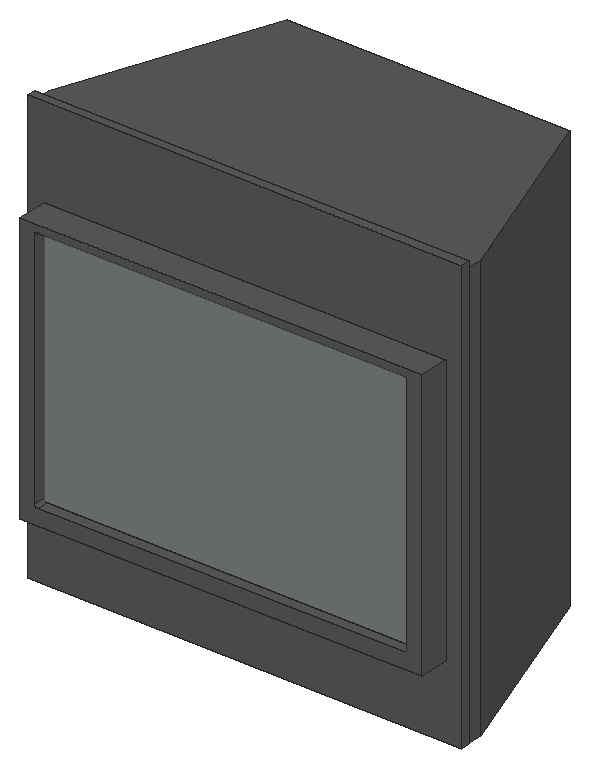
Revit family "H34VO", category Generic Models, Revit 2019
Family settings
  Can host rebar = No
  Round Connector Dimension = Use Diameter
  Part Type = Normal
  Work Plane-Based = No
  Always vertical = Yes
  Cut with Voids When Loaded = No
  Shared = No
  Room Calculation Point = No
Parameters
  Width = 12 5/16"
  URL = "https://www.montigo.com/"
  Model = ""
  Manufacturer Fax = ""
  Manufacturer Website = "https://www.montigo.com/"
  Manufacturer Phone - Toll Free = "800-378-3115"
  Manufacturer Phone = ""
  Manufacturer Address = "27342 Gloucester Way  Langley, BC, Canada   V4W 4A1"
  Manufacturer = "Montigo"
  Length = 53 7/16"
  Keynote = ""
  Glazing Tint = Glass - Montigo - Tint as Specified
  Frame Material = Metal - Montigo - Black
  Firebox Material = Metal - Montigo - White
  Fire Place Length = 50 5/16"
  Fire Place Height = 24 1/2"
  Fire Place - Opening = 16 9/16"
  Description = "Montigo Fireplace as Specified"
  Base Height = 6 9/16"
Reference planes (in)
  plane 1 "Center (Front/Back)": y = 0
  plane 2: z = 0
  plane 3 "Center (Left/Right)": x = 0
Forms (in)
  Extrusion 1, solid, material "Metal - Montigo - Black" <- "Frame Material"
    sketch origin (0, 0, 0) x (1, 0, 0) y (0, 1, 0)
      loop
        line (-16.844, 1.19458) -> (-16.844, 0) -> (16.844, 0) -> (16.844, 1.19458) -> (11.04103, 17.1381) -> (-11.04103, 17.1381) -> (-16.844, 1.19458)
    from 0 to 33.24644
  Extrusion 2, solid, material "Metal - Montigo - Black" <- "Frame Material"
    sketch origin (0, 0, 0) x (1, 0, 0) y (0, 1, 0)
      loop
        line (-16.9395, 0) -> (-16.9395, -0.684) -> (16.9055, -0.684) -> (16.9055, 0) -> (-16.9395, 0)
    from 0 to 33.75854
  Extrusion 3, solid, material "Metal - Montigo - Black" <- "Frame Material"
    sketch origin (0, -0.684, 0) x (1, 0, 0) y (0, 1, 0)
      loop
        line (-15.65514, 0) -> (-15.65514, -2.392) -> (15.6555, -2.392) -> (15.6555, 0) -> (-15.65514, 0)
    from 5.67034 to 26.7208
  Extrusion 4, void
    sketch origin (42.25, -6.4375, 0) x (-1, 0, 0) y (0, 0, -1)
      loop
        line (56.78032, -25.88361) -> (56.78032, -7.12111)
        arc (56.78032, -7.12111) -> (56.69957, -6.92646) -> (56.50475, -6.84611) r 0.275
        line (56.50475, -6.84611) -> (27.99525, -6.84611)
        arc (27.99525, -6.84611) -> (27.80043, -6.92646) -> (27.71968, -7.12111) r 0.275
        line (27.71968, -7.12111) -> (27.71968, -25.88361)
        arc (27.71968, -25.88361) -> (27.80046, -26.0783) -> (27.99535, -26.15861) r 0.275
        line (27.99535, -26.15861) -> (56.50465, -26.15861)
        arc (56.50465, -26.15861) -> (56.69954, -26.0783) -> (56.78032, -25.88361) r 0.275
    from -4.2418 to 12
Cuts and joins
  Extrusion 4 cuts Extrusion 3
Dimensions and locks (in)
  aligned and locked: level to plane 2
